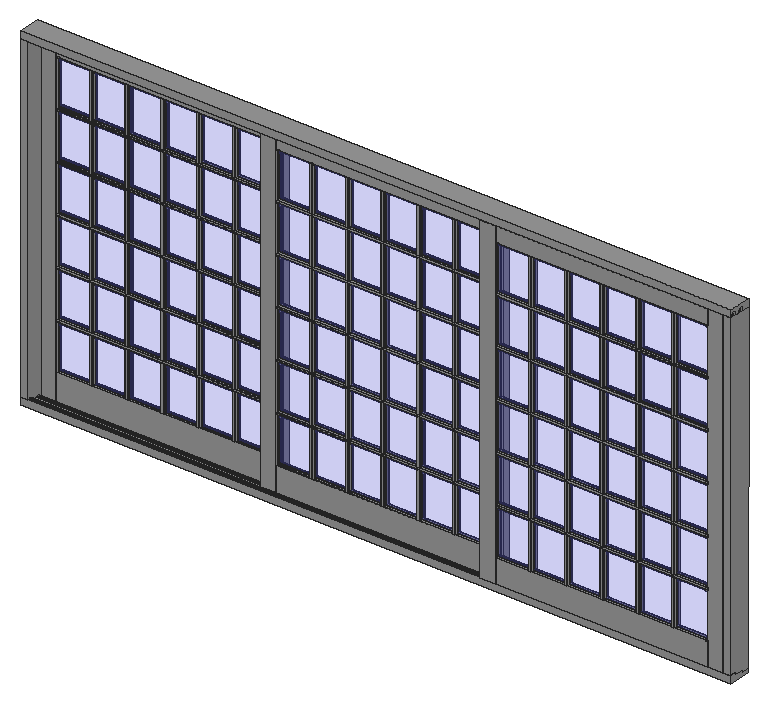
Revit family "VSD4.4SPTS LH", category Doors, host Wall, Revit 2015
Parameters (values of type "VSD4.4SPTS LH")
  Function = Interior
  Frame Projection Ext. = 25 mm
  Frame Projection Int. = 25 mm
  Frame Width = 75 mm
  Height = 2100 mm
  Wall Closure = By host
  Width = 4450 mm
Reference planes
  plane 1: y = 0
  plane 2 "Center (Left/Right)": x = 0
  plane 3 "Left": x = -2225
  plane 4 "Right": x = 2225
  plane 5: z = 2100
  plane 6 "Exterior": y = 75
  plane 7 "Interior": y = -75
  plane 8: x = -2075
  plane 9: x = -2180
  plane 10: x = -761.667
  plane 11: x = -656.667
  plane 12: x = -761.667
  plane 13: x = -656.667
  plane 14: x = 761.667
  plane 15: x = 656.667
  plane 16: x = 2180
  plane 17: x = 2075
  plane 18: x = 761.667
  plane 19: x = 656.667
Forms (mm)
  Extrusion 1, solid, material "Lauan, Meranti"
    sketch origin (0, 79.18, -119.746) x (0, 1, 0) y (0, 0, -1)
      loop
        line (-149.18, -119.746) -> (-149.18, -164.746) -> (-141.18, -164.746) -> (-141.18, -163.746) -> (-117.18, -163.746) -> (-117.18, -152.746) -> (-85.18, -152.746) -> (-85.18, -151.746) -> (-61.18, -151.746) -> (-61.18, -140.746) -> (-9.18, -140.746) -> (-9.18, -119.746) -> (-149.18, -119.746)
    from -2225 to 2225
  Extrusion 2, solid, material "Lauan, Meranti"
    sketch origin (0, 0, 0) x (0, 1, 0) y (0, 0, -1)
      loop
        line (70, -2100) -> (70, -2055) -> (17, -2055) -> (17, -2075) -> (-5, -2075) -> (-5, -2055) -> (-39, -2055) -> (-39, -2075) -> (-61, -2075) -> (-61, -2055) -> (-70, -2055) -> (-70, -2100) -> (70, -2100)
    from -2225 to 2225
  Extrusion 3, solid, material "Lauan, Meranti"
    sketch origin (0, 0, 0) x (-1, 0, 0) y (0, -1, 0)
      loop
        line (-2225, -70) -> (-2182, -70) -> (-2182, -50) -> (-2180, -50) -> (-2180, 70) -> (-2225, 70) -> (-2225, -70)
      loop
        line (2225, -70) -> (2225, 70) -> (2180, 70) -> (2180, -50) -> (2182, -50) -> (2182, -70) -> (2225, -70)
    from 45 to 2055
  Extrusion 4, solid, material "Lauan, Meranti"
    sketch origin (0, 0, 0) x (-1, 0, 0) y (0, -1, 0)
      loop
        line (-2180, -50) -> (-2180, 38) -> (-2225, 38) -> (-2225, -70) -> (-2182, -70) -> (-2182, -50) -> (-2180, -50)
      loop
        line (2180, -50) -> (2182, -50) -> (2182, -70) -> (2225, -70) -> (2225, 38) -> (2180, 38) -> (2180, -50)
    from 33 to 45
  Extrusion 5, solid, material "Steel, Chrome Plated"
    sketch origin (0, 0, 0) x (0, 1, 0) y (0, 0, -1)
      loop
        line (-38, -45) -> (-38, -44) -> (-62, -44) -> (-62, -45) -> (-51, -45) -> (-51, -46.882)
        arc (-51, -46.882) -> (-50, -49.5) -> (-49, -46.882) r 1.5
        line (-49, -46.882) -> (-49, -45) -> (-38, -45)
    from -2225 to 2180
  Extrusion 6, solid, material "Lauan, Meranti"
    sketch origin (0, 0, 0) x (-1, 0, 0) y (0, -1, 0)
      loop
        line (-2225, -70) -> (-2182, -70) -> (-2182, -50) -> (-2180, -50) -> (-2180, -18) -> (-2225, -18) -> (-2225, -70)
      loop
        line (2225, -70) -> (2225, -18) -> (2180, -18) -> (2180, -50) -> (2182, -50) -> (2182, -70) -> (2225, -70)
    from 21 to 33
  Extrusion 7, solid, material "Steel, Chrome Plated"
    sketch origin (0, 56, -12) x (0, 1, 0) y (0, 0, -1)
      loop
        line (-38, -45) -> (-38, -44) -> (-62, -44) -> (-62, -45) -> (-51, -45) -> (-51, -46.882)
        arc (-51, -46.882) -> (-50, -49.5) -> (-49, -46.882) r 1.5
        line (-49, -46.882) -> (-49, -45) -> (-38, -45)
    from -761.667 to 2180
  Extrusion 8, solid, material "Lauan, Meranti"
    sketch origin (0, 0, 0) x (-1, 0, 0) y (0, -1, 0)
      loop
        line (-2084, 70) -> (-2180, 70) -> (-2180, 30) -> (-2084, 30) -> (-2084, 60) -> (-2075, 60) -> (-2075, 62) -> (-2077, 62)
        arc (-2077, 62) -> (-2079.265, 66.44) -> (-2084, 68) r 6.549
        line (-2084, 68) -> (-2084, 70)
      loop
        line (-752.667, 70) -> (-752.667, 68)
        arc (-752.667, 68) -> (-757.401, 66.44) -> (-759.667, 62) r 6.549
        line (-759.667, 62) -> (-761.667, 62) -> (-761.667, 60) -> (-752.667, 60) -> (-752.667, 30) -> (-656.667, 30) -> (-656.667, 70) -> (-752.667, 70)
    from 45 to 2055
  Extrusion 9, solid, material "Lauan, Meranti"
    sketch origin (-1630, 104, 0) x (-1, 0, 0) y (0, -1, 0)
      loop
        line (454, 70) -> (454, 68)
        arc (454, 68) -> (449.265, 66.44) -> (447, 62) r 6.549
        line (447, 62) -> (445, 62) -> (445, 60) -> (454, 60) -> (454, 30) -> (550, 30) -> (550, 70) -> (454, 70)
      loop
        line (-877.333, 70) -> (-973.333, 70) -> (-973.333, 30) -> (-877.333, 30) -> (-877.333, 60) -> (-868.333, 60) -> (-868.333, 62) -> (-870.333, 62)
        arc (-870.333, 62) -> (-872.599, 66.44) -> (-877.333, 68) r 6.549
        line (-877.333, 68) -> (-877.333, 70)
    from 21 to 2055
  Extrusion 10, solid, material "Lauan, Meranti"
    sketch origin (-815, 56, 0) x (-1, 0, 0) y (0, -1, 0)
      loop
        line (-149.333, 70) -> (-149.333, 68)
        arc (-149.333, 68) -> (-154.068, 66.44) -> (-156.333, 62) r 6.549
        line (-156.333, 62) -> (-158.333, 62) -> (-158.333, 60) -> (-149.333, 60) -> (-149.333, 30) -> (-53.333, 30) -> (-53.333, 70) -> (-149.333, 70)
      loop
        line (-1480.667, 70) -> (-1576.667, 70) -> (-1576.667, 30) -> (-1480.667, 30) -> (-1480.667, 60) -> (-1471.667, 60) -> (-1471.667, 62) -> (-1473.667, 62)
        arc (-1473.667, 62) -> (-1475.932, 66.44) -> (-1480.667, 68) r 6.549
        line (-1480.667, 68) -> (-1480.667, 70)
    from 33 to 2055
  Extrusion 11, solid, material "Steel, Chrome Plated"
    sketch origin (0, 0, 0) x (0, 1, 0) y (0, 0, -1)
      loop
        line (16.5, -2075) -> (16.5, -2055) -> (14.3, -2055) -> (14.3, -2072.8) -> (-2.3, -2072.8) -> (-2.3, -2055) -> (-4.5, -2055) -> (-4.5, -2075) -> (16.5, -2075)
    from -2225 to 2225
  Extrusion 12, solid, material "Steel, Chrome Plated"
    sketch origin (0, -56, 0) x (0, 1, 0) y (0, 0, -1)
      loop
        line (16.5, -2075) -> (16.5, -2055) -> (14.3, -2055) -> (14.3, -2072.8) -> (-2.3, -2072.8) -> (-2.3, -2055) -> (-4.5, -2055) -> (-4.5, -2075) -> (16.5, -2075)
    from -2225 to 2225
  Extrusion 13, solid, material "Lauan, Meranti"
    sketch origin (-2335, 49.5, 0) x (0, 1, 0) y (0, 0, -1)
      loop
        line (-15.5, -190) -> (-13.5, -190)
        arc (-13.5, -190) -> (-11.866, -194.67) -> (-7.5, -197) r 6.807
        line (-7.5, -197) -> (-7.5, -199) -> (-5.5, -199) -> (-5.5, -190) -> (24.5, -190) -> (24.5, -21) -> (-15.5, -21) -> (-15.5, -190)
      loop
        arc (-7.5, -1952) -> (-11.866, -1954.33) -> (-13.5, -1959) r 6.807
        line (-13.5, -1959) -> (-15.5, -1959) -> (-15.5, -2055) -> (24.5, -2055) -> (24.5, -1959) -> (-5.5, -1959) -> (-5.5, -1950) -> (-7.5, -1950) -> (-7.5, -1952)
      loop
        line (-15.5, -1675) -> (-13.5, -1675)
        arc (-13.5, -1675) -> (-11.866, -1679.67) -> (-7.5, -1682) r 6.807
        line (-7.5, -1682) -> (-7.5, -1684) -> (-5.5, -1684) -> (-5.5, -1675) -> (24.5, -1675) -> (24.5, -1662) -> (-5.5, -1662) -> (-5.5, -1653) -> (-7.5, -1653) -> (-7.5, -1655)
        arc (-7.5, -1655) -> (-11.866, -1657.33) -> (-13.5, -1662) r 6.807
        line (-13.5, -1662) -> (-15.5, -1662) -> (-15.5, -1675)
      loop
        line (-15.5, -1378) -> (-13.5, -1378)
        arc (-13.5, -1378) -> (-11.866, -1382.67) -> (-7.5, -1385) r 6.807
        line (-7.5, -1385) -> (-7.5, -1387) -> (-5.5, -1387) -> (-5.5, -1378) -> (24.5, -1378) -> (24.5, -1365) -> (-5.5, -1365) -> (-5.5, -1356) -> (-7.5, -1356) -> (-7.5, -1358)
        arc (-7.5, -1358) -> (-11.866, -1360.33) -> (-13.5, -1365) r 6.807
        line (-13.5, -1365) -> (-15.5, -1365) -> (-15.5, -1378)
      loop
        line (-15.5, -1081) -> (-13.5, -1081)
        arc (-13.5, -1081) -> (-11.866, -1085.67) -> (-7.5, -1088) r 6.807
        line (-7.5, -1088) -> (-7.5, -1090) -> (-5.5, -1090) -> (-5.5, -1081) -> (24.5, -1081) -> (24.5, -1068) -> (-5.5, -1068) -> (-5.5, -1059) -> (-7.5, -1059) -> (-7.5, -1061)
        arc (-7.5, -1061) -> (-11.866, -1063.33) -> (-13.5, -1068) r 6.807
        line (-13.5, -1068) -> (-15.5, -1068) -> (-15.5, -1081)
      loop
        line (-15.5, -784) -> (-13.5, -784)
        arc (-13.5, -784) -> (-11.866, -788.67) -> (-7.5, -791) r 6.807
        line (-7.5, -791) -> (-7.5, -793) -> (-5.5, -793) -> (-5.5, -784) -> (24.5, -784) -> (24.5, -771) -> (-5.5, -771) -> (-5.5, -762) -> (-7.5, -762) -> (-7.5, -764)
        arc (-7.5, -764) -> (-11.866, -766.33) -> (-13.5, -771) r 6.807
        line (-13.5, -771) -> (-15.5, -771) -> (-15.5, -784)
      loop
        line (-15.5, -487) -> (-13.5, -487)
        arc (-13.5, -487) -> (-11.866, -491.67) -> (-7.5, -494) r 6.807
        line (-7.5, -494) -> (-7.5, -496) -> (-5.5, -496) -> (-5.5, -487) -> (24.5, -487) -> (24.5, -474) -> (-5.5, -474) -> (-5.5, -465) -> (-7.5, -465) -> (-7.5, -467)
        arc (-7.5, -467) -> (-11.866, -469.33) -> (-13.5, -474) r 6.807
        line (-13.5, -474) -> (-15.5, -474) -> (-15.5, -487)
    from -1582.333 to -251
  Sweep 14, solid, material "Lauan, Meranti"
    path origin (-1570.605, -72, -781.763) x (-1, 0, 0) y (0, 0, -1)
      loop
        line (302.345, -2740.763) -> (513.395, -2740.763) -> (513.395, -2456.763) -> (302.345, -2456.763) -> (302.345, -2740.763)
    profile origin (-1978.475, -72, 1959) x (0, 0, -1) y (0, -1, 0)
      loop
        line (9, -124.5) -> (0, -124.5) -> (0, -132.5)
        arc (0, -132.5) -> (4.67, -130.866) -> (7, -126.5) r 6.807
        line (7, -126.5) -> (9, -126.5) -> (9, -124.5)
  Extrusion 15, solid, material "Glass"
    sketch origin (-1843.125, -61.05, -73.649) x (-1, 0, 0) y (0, 0, -1)
      loop
        line (240.875, -2032.649) -> (240.875, -1748.661) -> (29.835, -1748.661) -> (29.835, -2032.649) -> (240.875, -2032.649)
      loop
        line (16.825, -2032.649) -> (16.825, -1748.649) -> (-194.225, -1748.649) -> (-194.225, -2032.649) -> (16.825, -2032.649)
      loop
        line (-207.225, -2032.649) -> (-207.225, -1748.649) -> (-418.275, -1748.649) -> (-418.275, -2032.649) -> (-207.225, -2032.649)
      loop
        line (-431.275, -2032.649) -> (-431.275, -1748.649) -> (-642.325, -1748.649) -> (-642.325, -2032.649) -> (-431.275, -2032.649)
      loop
        line (-655.325, -2032.649) -> (-655.325, -1748.649) -> (-866.375, -1748.649) -> (-866.375, -2032.649) -> (-655.325, -2032.649)
      loop
        line (-879.375, -2032.649) -> (-879.375, -1748.649) -> (-1090.458, -1748.649) -> (-1090.458, -2032.649) -> (-879.375, -2032.649)
      loop
        line (240.875, -1735.649) -> (240.875, -1451.661) -> (29.835, -1451.661) -> (29.835, -1735.649) -> (240.875, -1735.649)
      loop
        line (16.825, -1735.649) -> (16.825, -1451.649) -> (-194.225, -1451.649) -> (-194.225, -1735.649) -> (16.825, -1735.649)
      loop
        line (-207.225, -1735.649) -> (-207.225, -1451.649) -> (-418.275, -1451.649) -> (-418.275, -1735.649) -> (-207.225, -1735.649)
      loop
        line (-431.275, -1735.649) -> (-431.275, -1451.649) -> (-642.325, -1451.649) -> (-642.325, -1735.649) -> (-431.275, -1735.649)
      loop
        line (-655.325, -1735.649) -> (-655.325, -1451.649) -> (-866.375, -1451.649) -> (-866.375, -1735.649) -> (-655.325, -1735.649)
      loop
        line (-879.375, -1735.649) -> (-879.375, -1451.649) -> (-1090.458, -1451.649) -> (-1090.458, -1735.649) -> (-879.375, -1735.649)
      loop
        line (240.875, -1438.649) -> (240.875, -1154.661) -> (29.835, -1154.661) -> (29.835, -1438.649) -> (240.875, -1438.649)
      loop
        line (16.825, -1438.649) -> (16.825, -1154.649) -> (-194.225, -1154.649) -> (-194.225, -1438.649) -> (16.825, -1438.649)
      loop
        line (-207.225, -1438.649) -> (-207.225, -1154.649) -> (-418.275, -1154.649) -> (-418.275, -1438.649) -> (-207.225, -1438.649)
      loop
        line (-431.275, -1438.649) -> (-431.275, -1154.649) -> (-642.325, -1154.649) -> (-642.325, -1438.649) -> (-431.275, -1438.649)
      loop
        line (-655.325, -1438.649) -> (-655.325, -1154.649) -> (-866.375, -1154.649) -> (-866.375, -1438.649) -> (-655.325, -1438.649)
      loop
        line (-879.375, -1438.649) -> (-879.375, -1154.649) -> (-1090.458, -1154.649) -> (-1090.458, -1438.649) -> (-879.375, -1438.649)
      loop
        line (240.875, -1141.649) -> (240.875, -857.661) -> (29.835, -857.661) -> (29.835, -1141.649) -> (240.875, -1141.649)
      loop
        line (16.825, -1141.649) -> (16.825, -857.649) -> (-194.225, -857.649) -> (-194.225, -1141.649) -> (16.825, -1141.649)
      loop
        line (-207.225, -1141.649) -> (-207.225, -857.649) -> (-418.275, -857.649) -> (-418.275, -1141.649) -> (-207.225, -1141.649)
      loop
        line (-431.275, -1141.649) -> (-431.275, -857.649) -> (-642.325, -857.649) -> (-642.325, -1141.649) -> (-431.275, -1141.649)
      loop
        line (-655.325, -1141.649) -> (-655.325, -857.649) -> (-866.375, -857.649) -> (-866.375, -1141.649) -> (-655.325, -1141.649)
      loop
        line (-879.375, -1141.649) -> (-879.375, -857.649) -> (-1090.458, -857.649) -> (-1090.458, -1141.649) -> (-879.375, -1141.649)
      loop
        line (240.875, -844.649) -> (240.875, -560.661) -> (29.835, -560.661) -> (29.835, -844.649) -> (240.875, -844.649)
      loop
        line (16.825, -844.649) -> (16.825, -560.649) -> (-194.225, -560.649) -> (-194.225, -844.649) -> (16.825, -844.649)
      loop
        line (-207.225, -844.649) -> (-207.225, -560.649) -> (-418.275, -560.649) -> (-418.275, -844.649) -> (-207.225, -844.649)
      loop
        line (-431.275, -844.649) -> (-431.275, -560.649) -> (-642.325, -560.649) -> (-642.325, -844.649) -> (-431.275, -844.649)
      loop
        line (-655.325, -844.649) -> (-655.325, -560.649) -> (-866.375, -560.649) -> (-866.375, -844.649) -> (-655.325, -844.649)
      loop
        line (-879.375, -844.649) -> (-879.375, -560.649) -> (-1090.458, -560.649) -> (-1090.458, -844.649) -> (-879.375, -844.649)
      loop
        line (240.875, -547.649) -> (240.875, -263.661) -> (29.835, -263.661) -> (29.835, -547.649) -> (240.875, -547.649)
      loop
        line (16.825, -547.649) -> (16.825, -263.649) -> (-194.225, -263.649) -> (-194.225, -547.649) -> (16.825, -547.649)
      loop
        line (-207.225, -547.649) -> (-207.225, -263.649) -> (-418.275, -263.649) -> (-418.275, -547.649) -> (-207.225, -547.649)
      loop
        line (-431.275, -547.649) -> (-431.275, -263.649) -> (-642.325, -263.649) -> (-642.325, -547.649) -> (-431.275, -547.649)
      loop
        line (-655.325, -547.649) -> (-655.325, -263.649) -> (-866.375, -263.649) -> (-866.375, -547.649) -> (-655.325, -547.649)
      loop
        line (-879.375, -547.649) -> (-879.375, -263.649) -> (-1090.458, -263.649) -> (-1090.458, -547.649) -> (-879.375, -547.649)
    from -112.5 to -106.1
  Extrusion 16, solid, material "Lauan, Meranti"
    sketch origin (-1315, 3, 0) x (-1, 0, 0) y (0, -1, 0)
      loop
        line (544.95, -31) -> (544.95, -33)
        arc (544.95, -33) -> (540.28, -34.634) -> (537.95, -39) r 6.807
        line (537.95, -39) -> (535.95, -39) -> (535.95, -41) -> (544.95, -41) -> (544.95, -71) -> (557.95, -71) -> (557.95, -41) -> (566.95, -41) -> (566.95, -39) -> (564.95, -39)
        arc (564.95, -39) -> (562.62, -34.634) -> (557.95, -33) r 6.807
        line (557.95, -33) -> (557.95, -31) -> (544.95, -31)
      loop
        line (320.9, -31) -> (320.9, -33)
        arc (320.9, -33) -> (316.23, -34.634) -> (313.9, -39) r 6.807
        line (313.9, -39) -> (311.9, -39) -> (311.9, -41) -> (320.9, -41) -> (320.9, -71) -> (333.9, -71) -> (333.9, -41) -> (342.9, -41) -> (342.9, -39) -> (340.9, -39)
        arc (340.9, -39) -> (338.57, -34.634) -> (333.9, -33) r 6.807
        line (333.9, -33) -> (333.9, -31) -> (320.9, -31)
      loop
        line (96.85, -31) -> (96.85, -33)
        arc (96.85, -33) -> (92.18, -34.634) -> (89.85, -39) r 6.807
        line (89.85, -39) -> (87.85, -39) -> (87.85, -41) -> (96.85, -41) -> (96.85, -71) -> (109.85, -71) -> (109.85, -41) -> (118.85, -41) -> (118.85, -39) -> (116.85, -39)
        arc (116.85, -39) -> (114.52, -34.634) -> (109.85, -33) r 6.807
        line (109.85, -33) -> (109.85, -31) -> (96.85, -31)
      loop
        line (-127.2, -31) -> (-127.2, -33)
        arc (-127.2, -33) -> (-131.87, -34.634) -> (-134.2, -39) r 6.807
        line (-134.2, -39) -> (-136.2, -39) -> (-136.2, -41) -> (-127.2, -41) -> (-127.2, -71) -> (-114.2, -71) -> (-114.2, -41) -> (-105.2, -41) -> (-105.2, -39) -> (-107.2, -39)
        arc (-107.2, -39) -> (-109.53, -34.634) -> (-114.2, -33) r 6.807
        line (-114.2, -33) -> (-114.2, -31) -> (-127.2, -31)
      loop
        line (-351.25, -31) -> (-351.25, -33)
        arc (-351.25, -33) -> (-355.92, -34.634) -> (-358.25, -39) r 6.807
        line (-358.25, -39) -> (-360.25, -39) -> (-360.25, -41) -> (-351.25, -41) -> (-351.25, -71) -> (-338.25, -71) -> (-338.25, -41) -> (-329.25, -41) -> (-329.25, -39) -> (-331.25, -39)
        arc (-331.25, -39) -> (-333.58, -34.634) -> (-338.25, -33) r 6.807
        line (-338.25, -33) -> (-338.25, -31) -> (-351.25, -31)
    from 1675 to 1959
  Sweep 17, solid, material "Lauan, Meranti"
    path origin (-1346.555, -72, -781.763) x (-1, 0, 0) y (0, 0, -1)
      loop
        line (302.345, -2740.763) -> (513.395, -2740.763) -> (513.395, -2456.763) -> (302.345, -2456.763) -> (302.345, -2740.763)
    profile origin (-1754.425, -72, 1959) x (0, 0, -1) y (0, -1, 0)
      loop
        line (9, -124.5) -> (0, -124.5) -> (0, -132.5)
        arc (0, -132.5) -> (4.67, -130.866) -> (7, -126.5) r 6.807
        line (7, -126.5) -> (9, -126.5) -> (9, -124.5)
  Sweep 18, solid, material "Lauan, Meranti"
    path origin (-1122.505, -72, -781.763) x (-1, 0, 0) y (0, 0, -1)
      loop
        line (302.345, -2740.763) -> (513.395, -2740.763) -> (513.395, -2456.763) -> (302.345, -2456.763) -> (302.345, -2740.763)
    profile origin (-1530.375, -72, 1959) x (0, 0, -1) y (0, -1, 0)
      loop
        line (9, -124.5) -> (0, -124.5) -> (0, -132.5)
        arc (0, -132.5) -> (4.67, -130.866) -> (7, -126.5) r 6.807
        line (7, -126.5) -> (9, -126.5) -> (9, -124.5)
  Sweep 19, solid, material "Lauan, Meranti"
    path origin (-898.455, -72, -781.763) x (-1, 0, 0) y (0, 0, -1)
      loop
        line (302.345, -2740.763) -> (513.395, -2740.763) -> (513.395, -2456.763) -> (302.345, -2456.763) -> (302.345, -2740.763)
    profile origin (-1306.325, -72, 1959) x (0, 0, -1) y (0, -1, 0)
      loop
        line (9, -124.5) -> (0, -124.5) -> (0, -132.5)
        arc (0, -132.5) -> (4.67, -130.866) -> (7, -126.5) r 6.807
        line (7, -126.5) -> (9, -126.5) -> (9, -124.5)
  Sweep 20, solid, material "Lauan, Meranti"
    path origin (-674.405, -72, -781.763) x (-1, 0, 0) y (0, 0, -1)
      loop
        line (302.345, -2740.763) -> (513.395, -2740.763) -> (513.395, -2456.763) -> (302.345, -2456.763) -> (302.345, -2740.763)
    profile origin (-1082.275, -72, 1959) x (0, 0, -1) y (0, -1, 0)
      loop
        line (9, -124.5) -> (0, -124.5) -> (0, -132.5)
        arc (0, -132.5) -> (4.67, -130.866) -> (7, -126.5) r 6.807
        line (7, -126.5) -> (9, -126.5) -> (9, -124.5)
  Sweep 21, solid, material "Lauan, Meranti"
    path origin (-450.355, -72, -781.763) x (-1, 0, 0) y (0, 0, -1)
      loop
        line (302.345, -2740.763) -> (513.395, -2740.763) -> (513.395, -2456.763) -> (302.345, -2456.763) -> (302.345, -2740.763)
    profile origin (-858.225, -72, 1959) x (0, 0, -1) y (0, -1, 0)
      loop
        line (9, -124.5) -> (0, -124.5) -> (0, -132.5)
        arc (0, -132.5) -> (4.67, -130.866) -> (7, -126.5) r 6.807
        line (7, -126.5) -> (9, -126.5) -> (9, -124.5)
  Sweep 22, solid, material "Lauan, Meranti"
    path origin (-1570.605, -72, -1078.763) x (-1, 0, 0) y (0, 0, -1)
      loop
        line (302.345, -2740.763) -> (513.395, -2740.763) -> (513.395, -2456.763) -> (302.345, -2456.763) -> (302.345, -2740.763)
    profile origin (-1978.475, -72, 1662) x (0, 0, -1) y (0, -1, 0)
      loop
        line (9, -124.5) -> (0, -124.5) -> (0, -132.5)
        arc (0, -132.5) -> (4.67, -130.866) -> (7, -126.5) r 6.807
        line (7, -126.5) -> (9, -126.5) -> (9, -124.5)
  Extrusion 23, solid, material "Lauan, Meranti"
    sketch origin (-1315, 3, -297) x (-1, 0, 0) y (0, -1, 0)
      loop
        line (544.95, -31) -> (544.95, -33)
        arc (544.95, -33) -> (540.28, -34.634) -> (537.95, -39) r 6.807
        line (537.95, -39) -> (535.95, -39) -> (535.95, -41) -> (544.95, -41) -> (544.95, -71) -> (557.95, -71) -> (557.95, -41) -> (566.95, -41) -> (566.95, -39) -> (564.95, -39)
        arc (564.95, -39) -> (562.62, -34.634) -> (557.95, -33) r 6.807
        line (557.95, -33) -> (557.95, -31) -> (544.95, -31)
      loop
        line (320.9, -31) -> (320.9, -33)
        arc (320.9, -33) -> (316.23, -34.634) -> (313.9, -39) r 6.807
        line (313.9, -39) -> (311.9, -39) -> (311.9, -41) -> (320.9, -41) -> (320.9, -71) -> (333.9, -71) -> (333.9, -41) -> (342.9, -41) -> (342.9, -39) -> (340.9, -39)
        arc (340.9, -39) -> (338.57, -34.634) -> (333.9, -33) r 6.807
        line (333.9, -33) -> (333.9, -31) -> (320.9, -31)
      loop
        line (96.85, -31) -> (96.85, -33)
        arc (96.85, -33) -> (92.18, -34.634) -> (89.85, -39) r 6.807
        line (89.85, -39) -> (87.85, -39) -> (87.85, -41) -> (96.85, -41) -> (96.85, -71) -> (109.85, -71) -> (109.85, -41) -> (118.85, -41) -> (118.85, -39) -> (116.85, -39)
        arc (116.85, -39) -> (114.52, -34.634) -> (109.85, -33) r 6.807
        line (109.85, -33) -> (109.85, -31) -> (96.85, -31)
      loop
        line (-127.2, -31) -> (-127.2, -33)
        arc (-127.2, -33) -> (-131.87, -34.634) -> (-134.2, -39) r 6.807
        line (-134.2, -39) -> (-136.2, -39) -> (-136.2, -41) -> (-127.2, -41) -> (-127.2, -71) -> (-114.2, -71) -> (-114.2, -41) -> (-105.2, -41) -> (-105.2, -39) -> (-107.2, -39)
        arc (-107.2, -39) -> (-109.53, -34.634) -> (-114.2, -33) r 6.807
        line (-114.2, -33) -> (-114.2, -31) -> (-127.2, -31)
      loop
        line (-351.25, -31) -> (-351.25, -33)
        arc (-351.25, -33) -> (-355.92, -34.634) -> (-358.25, -39) r 6.807
        line (-358.25, -39) -> (-360.25, -39) -> (-360.25, -41) -> (-351.25, -41) -> (-351.25, -71) -> (-338.25, -71) -> (-338.25, -41) -> (-329.25, -41) -> (-329.25, -39) -> (-331.25, -39)
        arc (-331.25, -39) -> (-333.58, -34.634) -> (-338.25, -33) r 6.807
        line (-338.25, -33) -> (-338.25, -31) -> (-351.25, -31)
    from 1675 to 1959
  Sweep 24, solid, material "Lauan, Meranti"
    path origin (-1346.555, -72, -1078.763) x (-1, 0, 0) y (0, 0, -1)
      loop
        line (302.345, -2740.763) -> (513.395, -2740.763) -> (513.395, -2456.763) -> (302.345, -2456.763) -> (302.345, -2740.763)
    profile origin (-1754.425, -72, 1662) x (0, 0, -1) y (0, -1, 0)
      loop
        line (9, -124.5) -> (0, -124.5) -> (0, -132.5)
        arc (0, -132.5) -> (4.67, -130.866) -> (7, -126.5) r 6.807
        line (7, -126.5) -> (9, -126.5) -> (9, -124.5)
  Sweep 25, solid, material "Lauan, Meranti"
    path origin (-1122.505, -72, -1078.763) x (-1, 0, 0) y (0, 0, -1)
      loop
        line (302.345, -2740.763) -> (513.395, -2740.763) -> (513.395, -2456.763) -> (302.345, -2456.763) -> (302.345, -2740.763)
    profile origin (-1530.375, -72, 1662) x (0, 0, -1) y (0, -1, 0)
      loop
        line (9, -124.5) -> (0, -124.5) -> (0, -132.5)
        arc (0, -132.5) -> (4.67, -130.866) -> (7, -126.5) r 6.807
        line (7, -126.5) -> (9, -126.5) -> (9, -124.5)
  Sweep 26, solid, material "Lauan, Meranti"
    path origin (-898.455, -72, -1078.763) x (-1, 0, 0) y (0, 0, -1)
      loop
        line (302.345, -2740.763) -> (513.395, -2740.763) -> (513.395, -2456.763) -> (302.345, -2456.763) -> (302.345, -2740.763)
    profile origin (-1306.325, -72, 1662) x (0, 0, -1) y (0, -1, 0)
      loop
        line (9, -124.5) -> (0, -124.5) -> (0, -132.5)
        arc (0, -132.5) -> (4.67, -130.866) -> (7, -126.5) r 6.807
        line (7, -126.5) -> (9, -126.5) -> (9, -124.5)
  Sweep 27, solid, material "Lauan, Meranti"
    path origin (-674.405, -72, -1078.763) x (-1, 0, 0) y (0, 0, -1)
      loop
        line (302.345, -2740.763) -> (513.395, -2740.763) -> (513.395, -2456.763) -> (302.345, -2456.763) -> (302.345, -2740.763)
    profile origin (-1082.275, -72, 1662) x (0, 0, -1) y (0, -1, 0)
      loop
        line (9, -124.5) -> (0, -124.5) -> (0, -132.5)
        arc (0, -132.5) -> (4.67, -130.866) -> (7, -126.5) r 6.807
        line (7, -126.5) -> (9, -126.5) -> (9, -124.5)
  Sweep 28, solid, material "Lauan, Meranti"
    path origin (-450.355, -72, -1078.763) x (-1, 0, 0) y (0, 0, -1)
      loop
        line (302.345, -2740.763) -> (513.395, -2740.763) -> (513.395, -2456.763) -> (302.345, -2456.763) -> (302.345, -2740.763)
    profile origin (-858.225, -72, 1662) x (0, 0, -1) y (0, -1, 0)
      loop
        line (9, -124.5) -> (0, -124.5) -> (0, -132.5)
        arc (0, -132.5) -> (4.67, -130.866) -> (7, -126.5) r 6.807
        line (7, -126.5) -> (9, -126.5) -> (9, -124.5)
  Sweep 29, solid, material "Lauan, Meranti"
    path origin (-1570.605, -72, -1375.763) x (-1, 0, 0) y (0, 0, -1)
      loop
        line (302.345, -2740.763) -> (513.395, -2740.763) -> (513.395, -2456.763) -> (302.345, -2456.763) -> (302.345, -2740.763)
    profile origin (-1978.475, -72, 1365) x (0, 0, -1) y (0, -1, 0)
      loop
        line (9, -124.5) -> (0, -124.5) -> (0, -132.5)
        arc (0, -132.5) -> (4.67, -130.866) -> (7, -126.5) r 6.807
        line (7, -126.5) -> (9, -126.5) -> (9, -124.5)
  Extrusion 30, solid, material "Lauan, Meranti"
    sketch origin (-1315, 3, -594) x (-1, 0, 0) y (0, -1, 0)
      loop
        line (544.95, -31) -> (544.95, -33)
        arc (544.95, -33) -> (540.28, -34.634) -> (537.95, -39) r 6.807
        line (537.95, -39) -> (535.95, -39) -> (535.95, -41) -> (544.95, -41) -> (544.95, -71) -> (557.95, -71) -> (557.95, -41) -> (566.95, -41) -> (566.95, -39) -> (564.95, -39)
        arc (564.95, -39) -> (562.62, -34.634) -> (557.95, -33) r 6.807
        line (557.95, -33) -> (557.95, -31) -> (544.95, -31)
      loop
        line (320.9, -31) -> (320.9, -33)
        arc (320.9, -33) -> (316.23, -34.634) -> (313.9, -39) r 6.807
        line (313.9, -39) -> (311.9, -39) -> (311.9, -41) -> (320.9, -41) -> (320.9, -71) -> (333.9, -71) -> (333.9, -41) -> (342.9, -41) -> (342.9, -39) -> (340.9, -39)
        arc (340.9, -39) -> (338.57, -34.634) -> (333.9, -33) r 6.807
        line (333.9, -33) -> (333.9, -31) -> (320.9, -31)
      loop
        line (96.85, -31) -> (96.85, -33)
        arc (96.85, -33) -> (92.18, -34.634) -> (89.85, -39) r 6.807
        line (89.85, -39) -> (87.85, -39) -> (87.85, -41) -> (96.85, -41) -> (96.85, -71) -> (109.85, -71) -> (109.85, -41) -> (118.85, -41) -> (118.85, -39) -> (116.85, -39)
        arc (116.85, -39) -> (114.52, -34.634) -> (109.85, -33) r 6.807
        line (109.85, -33) -> (109.85, -31) -> (96.85, -31)
      loop
        line (-127.2, -31) -> (-127.2, -33)
        arc (-127.2, -33) -> (-131.87, -34.634) -> (-134.2, -39) r 6.807
        line (-134.2, -39) -> (-136.2, -39) -> (-136.2, -41) -> (-127.2, -41) -> (-127.2, -71) -> (-114.2, -71) -> (-114.2, -41) -> (-105.2, -41) -> (-105.2, -39) -> (-107.2, -39)
        arc (-107.2, -39) -> (-109.53, -34.634) -> (-114.2, -33) r 6.807
        line (-114.2, -33) -> (-114.2, -31) -> (-127.2, -31)
      loop
        line (-351.25, -31) -> (-351.25, -33)
        arc (-351.25, -33) -> (-355.92, -34.634) -> (-358.25, -39) r 6.807
        line (-358.25, -39) -> (-360.25, -39) -> (-360.25, -41) -> (-351.25, -41) -> (-351.25, -71) -> (-338.25, -71) -> (-338.25, -41) -> (-329.25, -41) -> (-329.25, -39) -> (-331.25, -39)
        arc (-331.25, -39) -> (-333.58, -34.634) -> (-338.25, -33) r 6.807
        line (-338.25, -33) -> (-338.25, -31) -> (-351.25, -31)
    from 1675 to 1959
  Sweep 31, solid, material "Lauan, Meranti"
    path origin (-1346.555, -72, -1375.763) x (-1, 0, 0) y (0, 0, -1)
      loop
        line (302.345, -2740.763) -> (513.395, -2740.763) -> (513.395, -2456.763) -> (302.345, -2456.763) -> (302.345, -2740.763)
    profile origin (-1754.425, -72, 1365) x (0, 0, -1) y (0, -1, 0)
      loop
        line (9, -124.5) -> (0, -124.5) -> (0, -132.5)
        arc (0, -132.5) -> (4.67, -130.866) -> (7, -126.5) r 6.807
        line (7, -126.5) -> (9, -126.5) -> (9, -124.5)
  Sweep 32, solid, material "Lauan, Meranti"
    path origin (-1122.505, -72, -1375.763) x (-1, 0, 0) y (0, 0, -1)
      loop
        line (302.345, -2740.763) -> (513.395, -2740.763) -> (513.395, -2456.763) -> (302.345, -2456.763) -> (302.345, -2740.763)
    profile origin (-1530.375, -72, 1365) x (0, 0, -1) y (0, -1, 0)
      loop
        line (9, -124.5) -> (0, -124.5) -> (0, -132.5)
        arc (0, -132.5) -> (4.67, -130.866) -> (7, -126.5) r 6.807
        line (7, -126.5) -> (9, -126.5) -> (9, -124.5)
  Sweep 33, solid, material "Lauan, Meranti"
    path origin (-898.455, -72, -1375.763) x (-1, 0, 0) y (0, 0, -1)
      loop
        line (302.345, -2740.763) -> (513.395, -2740.763) -> (513.395, -2456.763) -> (302.345, -2456.763) -> (302.345, -2740.763)
    profile origin (-1306.325, -72, 1365) x (0, 0, -1) y (0, -1, 0)
      loop
        line (9, -124.5) -> (0, -124.5) -> (0, -132.5)
        arc (0, -132.5) -> (4.67, -130.866) -> (7, -126.5) r 6.807
        line (7, -126.5) -> (9, -126.5) -> (9, -124.5)
  Sweep 34, solid, material "Lauan, Meranti"
    path origin (-674.405, -72, -1375.763) x (-1, 0, 0) y (0, 0, -1)
      loop
        line (302.345, -2740.763) -> (513.395, -2740.763) -> (513.395, -2456.763) -> (302.345, -2456.763) -> (302.345, -2740.763)
    profile origin (-1082.275, -72, 1365) x (0, 0, -1) y (0, -1, 0)
      loop
        line (9, -124.5) -> (0, -124.5) -> (0, -132.5)
        arc (0, -132.5) -> (4.67, -130.866) -> (7, -126.5) r 6.807
        line (7, -126.5) -> (9, -126.5) -> (9, -124.5)
  Sweep 35, solid, material "Lauan, Meranti"
    path origin (-450.355, -72, -1375.763) x (-1, 0, 0) y (0, 0, -1)
      loop
        line (302.345, -2740.763) -> (513.395, -2740.763) -> (513.395, -2456.763) -> (302.345, -2456.763) -> (302.345, -2740.763)
    profile origin (-858.225, -72, 1365) x (0, 0, -1) y (0, -1, 0)
      loop
        line (9, -124.5) -> (0, -124.5) -> (0, -132.5)
        arc (0, -132.5) -> (4.67, -130.866) -> (7, -126.5) r 6.807
        line (7, -126.5) -> (9, -126.5) -> (9, -124.5)
  Sweep 36, solid, material "Lauan, Meranti"
    path origin (-1570.605, -72, -1672.763) x (-1, 0, 0) y (0, 0, -1)
      loop
        line (302.345, -2740.763) -> (513.395, -2740.763) -> (513.395, -2456.763) -> (302.345, -2456.763) -> (302.345, -2740.763)
    profile origin (-1978.475, -72, 1068) x (0, 0, -1) y (0, -1, 0)
      loop
        line (9, -124.5) -> (0, -124.5) -> (0, -132.5)
        arc (0, -132.5) -> (4.67, -130.866) -> (7, -126.5) r 6.807
        line (7, -126.5) -> (9, -126.5) -> (9, -124.5)
  Extrusion 37, solid, material "Lauan, Meranti"
    sketch origin (-1315, 3, -891) x (-1, 0, 0) y (0, -1, 0)
      loop
        line (544.95, -31) -> (544.95, -33)
        arc (544.95, -33) -> (540.28, -34.634) -> (537.95, -39) r 6.807
        line (537.95, -39) -> (535.95, -39) -> (535.95, -41) -> (544.95, -41) -> (544.95, -71) -> (557.95, -71) -> (557.95, -41) -> (566.95, -41) -> (566.95, -39) -> (564.95, -39)
        arc (564.95, -39) -> (562.62, -34.634) -> (557.95, -33) r 6.807
        line (557.95, -33) -> (557.95, -31) -> (544.95, -31)
      loop
        line (320.9, -31) -> (320.9, -33)
        arc (320.9, -33) -> (316.23, -34.634) -> (313.9, -39) r 6.807
        line (313.9, -39) -> (311.9, -39) -> (311.9, -41) -> (320.9, -41) -> (320.9, -71) -> (333.9, -71) -> (333.9, -41) -> (342.9, -41) -> (342.9, -39) -> (340.9, -39)
        arc (340.9, -39) -> (338.57, -34.634) -> (333.9, -33) r 6.807
        line (333.9, -33) -> (333.9, -31) -> (320.9, -31)
      loop
        line (96.85, -31) -> (96.85, -33)
        arc (96.85, -33) -> (92.18, -34.634) -> (89.85, -39) r 6.807
        line (89.85, -39) -> (87.85, -39) -> (87.85, -41) -> (96.85, -41) -> (96.85, -71) -> (109.85, -71) -> (109.85, -41) -> (118.85, -41) -> (118.85, -39) -> (116.85, -39)
        arc (116.85, -39) -> (114.52, -34.634) -> (109.85, -33) r 6.807
        line (109.85, -33) -> (109.85, -31) -> (96.85, -31)
      loop
        line (-127.2, -31) -> (-127.2, -33)
        arc (-127.2, -33) -> (-131.87, -34.634) -> (-134.2, -39) r 6.807
        line (-134.2, -39) -> (-136.2, -39) -> (-136.2, -41) -> (-127.2, -41) -> (-127.2, -71) -> (-114.2, -71) -> (-114.2, -41) -> (-105.2, -41) -> (-105.2, -39) -> (-107.2, -39)
        arc (-107.2, -39) -> (-109.53, -34.634) -> (-114.2, -33) r 6.807
        line (-114.2, -33) -> (-114.2, -31) -> (-127.2, -31)
      loop
        line (-351.25, -31) -> (-351.25, -33)
        arc (-351.25, -33) -> (-355.92, -34.634) -> (-358.25, -39) r 6.807
        line (-358.25, -39) -> (-360.25, -39) -> (-360.25, -41) -> (-351.25, -41) -> (-351.25, -71) -> (-338.25, -71) -> (-338.25, -41) -> (-329.25, -41) -> (-329.25, -39) -> (-331.25, -39)
        arc (-331.25, -39) -> (-333.58, -34.634) -> (-338.25, -33) r 6.807
        line (-338.25, -33) -> (-338.25, -31) -> (-351.25, -31)
    from 1675 to 1959
  Sweep 38, solid, material "Lauan, Meranti"
    path origin (-1346.555, -72, -1672.763) x (-1, 0, 0) y (0, 0, -1)
      loop
        line (302.345, -2740.763) -> (513.395, -2740.763) -> (513.395, -2456.763) -> (302.345, -2456.763) -> (302.345, -2740.763)
    profile origin (-1754.425, -72, 1068) x (0, 0, -1) y (0, -1, 0)
      loop
        line (9, -124.5) -> (0, -124.5) -> (0, -132.5)
        arc (0, -132.5) -> (4.67, -130.866) -> (7, -126.5) r 6.807
        line (7, -126.5) -> (9, -126.5) -> (9, -124.5)
  Sweep 39, solid, material "Lauan, Meranti"
    path origin (-1122.505, -72, -1672.763) x (-1, 0, 0) y (0, 0, -1)
      loop
        line (302.345, -2740.763) -> (513.395, -2740.763) -> (513.395, -2456.763) -> (302.345, -2456.763) -> (302.345, -2740.763)
    profile origin (-1530.375, -72, 1068) x (0, 0, -1) y (0, -1, 0)
      loop
        line (9, -124.5) -> (0, -124.5) -> (0, -132.5)
        arc (0, -132.5) -> (4.67, -130.866) -> (7, -126.5) r 6.807
        line (7, -126.5) -> (9, -126.5) -> (9, -124.5)
  Sweep 40, solid, material "Lauan, Meranti"
    path origin (-898.455, -72, -1672.763) x (-1, 0, 0) y (0, 0, -1)
      loop
        line (302.345, -2740.763) -> (513.395, -2740.763) -> (513.395, -2456.763) -> (302.345, -2456.763) -> (302.345, -2740.763)
    profile origin (-1306.325, -72, 1068) x (0, 0, -1) y (0, -1, 0)
      loop
        line (9, -124.5) -> (0, -124.5) -> (0, -132.5)
        arc (0, -132.5) -> (4.67, -130.866) -> (7, -126.5) r 6.807
        line (7, -126.5) -> (9, -126.5) -> (9, -124.5)
  Sweep 41, solid, material "Lauan, Meranti"
    path origin (-674.405, -72, -1672.763) x (-1, 0, 0) y (0, 0, -1)
      loop
        line (302.345, -2740.763) -> (513.395, -2740.763) -> (513.395, -2456.763) -> (302.345, -2456.763) -> (302.345, -2740.763)
    profile origin (-1082.275, -72, 1068) x (0, 0, -1) y (0, -1, 0)
      loop
        line (9, -124.5) -> (0, -124.5) -> (0, -132.5)
        arc (0, -132.5) -> (4.67, -130.866) -> (7, -126.5) r 6.807
        line (7, -126.5) -> (9, -126.5) -> (9, -124.5)
  Sweep 42, solid, material "Lauan, Meranti"
    path origin (-450.355, -72, -1672.763) x (-1, 0, 0) y (0, 0, -1)
      loop
        line (302.345, -2740.763) -> (513.395, -2740.763) -> (513.395, -2456.763) -> (302.345, -2456.763) -> (302.345, -2740.763)
    profile origin (-858.225, -72, 1068) x (0, 0, -1) y (0, -1, 0)
      loop
        line (9, -124.5) -> (0, -124.5) -> (0, -132.5)
        arc (0, -132.5) -> (4.67, -130.866) -> (7, -126.5) r 6.807
        line (7, -126.5) -> (9, -126.5) -> (9, -124.5)
  Sweep 43, solid, material "Lauan, Meranti"
    path origin (-1570.605, -72, -1969.763) x (-1, 0, 0) y (0, 0, -1)
      loop
        line (302.345, -2740.763) -> (513.395, -2740.763) -> (513.395, -2456.763) -> (302.345, -2456.763) -> (302.345, -2740.763)
    profile origin (-1978.475, -72, 771) x (0, 0, -1) y (0, -1, 0)
      loop
        line (9, -124.5) -> (0, -124.5) -> (0, -132.5)
        arc (0, -132.5) -> (4.67, -130.866) -> (7, -126.5) r 6.807
        line (7, -126.5) -> (9, -126.5) -> (9, -124.5)
  Extrusion 44, solid, material "Lauan, Meranti"
    sketch origin (-1315, 3, -1188) x (-1, 0, 0) y (0, -1, 0)
      loop
        line (544.95, -31) -> (544.95, -33)
        arc (544.95, -33) -> (540.28, -34.634) -> (537.95, -39) r 6.807
        line (537.95, -39) -> (535.95, -39) -> (535.95, -41) -> (544.95, -41) -> (544.95, -71) -> (557.95, -71) -> (557.95, -41) -> (566.95, -41) -> (566.95, -39) -> (564.95, -39)
        arc (564.95, -39) -> (562.62, -34.634) -> (557.95, -33) r 6.807
        line (557.95, -33) -> (557.95, -31) -> (544.95, -31)
      loop
        line (320.9, -31) -> (320.9, -33)
        arc (320.9, -33) -> (316.23, -34.634) -> (313.9, -39) r 6.807
        line (313.9, -39) -> (311.9, -39) -> (311.9, -41) -> (320.9, -41) -> (320.9, -71) -> (333.9, -71) -> (333.9, -41) -> (342.9, -41) -> (342.9, -39) -> (340.9, -39)
        arc (340.9, -39) -> (338.57, -34.634) -> (333.9, -33) r 6.807
        line (333.9, -33) -> (333.9, -31) -> (320.9, -31)
      loop
        line (96.85, -31) -> (96.85, -33)
        arc (96.85, -33) -> (92.18, -34.634) -> (89.85, -39) r 6.807
        line (89.85, -39) -> (87.85, -39) -> (87.85, -41) -> (96.85, -41) -> (96.85, -71) -> (109.85, -71) -> (109.85, -41) -> (118.85, -41) -> (118.85, -39) -> (116.85, -39)
        arc (116.85, -39) -> (114.52, -34.634) -> (109.85, -33) r 6.807
        line (109.85, -33) -> (109.85, -31) -> (96.85, -31)
      loop
        line (-127.2, -31) -> (-127.2, -33)
        arc (-127.2, -33) -> (-131.87, -34.634) -> (-134.2, -39) r 6.807
        line (-134.2, -39) -> (-136.2, -39) -> (-136.2, -41) -> (-127.2, -41) -> (-127.2, -71) -> (-114.2, -71) -> (-114.2, -41) -> (-105.2, -41) -> (-105.2, -39) -> (-107.2, -39)
        arc (-107.2, -39) -> (-109.53, -34.634) -> (-114.2, -33) r 6.807
        line (-114.2, -33) -> (-114.2, -31) -> (-127.2, -31)
      loop
        line (-351.25, -31) -> (-351.25, -33)
        arc (-351.25, -33) -> (-355.92, -34.634) -> (-358.25, -39) r 6.807
        line (-358.25, -39) -> (-360.25, -39) -> (-360.25, -41) -> (-351.25, -41) -> (-351.25, -71) -> (-338.25, -71) -> (-338.25, -41) -> (-329.25, -41) -> (-329.25, -39) -> (-331.25, -39)
        arc (-331.25, -39) -> (-333.58, -34.634) -> (-338.25, -33) r 6.807
        line (-338.25, -33) -> (-338.25, -31) -> (-351.25, -31)
    from 1675 to 1959
  Sweep 45, solid, material "Lauan, Meranti"
    path origin (-1346.555, -72, -1969.763) x (-1, 0, 0) y (0, 0, -1)
      loop
        line (302.345, -2740.763) -> (513.395, -2740.763) -> (513.395, -2456.763) -> (302.345, -2456.763) -> (302.345, -2740.763)
    profile origin (-1754.425, -72, 771) x (0, 0, -1) y (0, -1, 0)
      loop
        line (9, -124.5) -> (0, -124.5) -> (0, -132.5)
        arc (0, -132.5) -> (4.67, -130.866) -> (7, -126.5) r 6.807
        line (7, -126.5) -> (9, -126.5) -> (9, -124.5)
  Sweep 46, solid, material "Lauan, Meranti"
    path origin (-1122.505, -72, -1969.763) x (-1, 0, 0) y (0, 0, -1)
      loop
        line (302.345, -2740.763) -> (513.395, -2740.763) -> (513.395, -2456.763) -> (302.345, -2456.763) -> (302.345, -2740.763)
    profile origin (-1530.375, -72, 771) x (0, 0, -1) y (0, -1, 0)
      loop
        line (9, -124.5) -> (0, -124.5) -> (0, -132.5)
        arc (0, -132.5) -> (4.67, -130.866) -> (7, -126.5) r 6.807
        line (7, -126.5) -> (9, -126.5) -> (9, -124.5)
  Sweep 47, solid, material "Lauan, Meranti"
    path origin (-898.455, -72, -1969.763) x (-1, 0, 0) y (0, 0, -1)
      loop
        line (302.345, -2740.763) -> (513.395, -2740.763) -> (513.395, -2456.763) -> (302.345, -2456.763) -> (302.345, -2740.763)
    profile origin (-1306.325, -72, 771) x (0, 0, -1) y (0, -1, 0)
      loop
        line (9, -124.5) -> (0, -124.5) -> (0, -132.5)
        arc (0, -132.5) -> (4.67, -130.866) -> (7, -126.5) r 6.807
        line (7, -126.5) -> (9, -126.5) -> (9, -124.5)
  Sweep 48, solid, material "Lauan, Meranti"
    path origin (-674.405, -72, -1969.763) x (-1, 0, 0) y (0, 0, -1)
      loop
        line (302.345, -2740.763) -> (513.395, -2740.763) -> (513.395, -2456.763) -> (302.345, -2456.763) -> (302.345, -2740.763)
    profile origin (-1082.275, -72, 771) x (0, 0, -1) y (0, -1, 0)
      loop
        line (9, -124.5) -> (0, -124.5) -> (0, -132.5)
        arc (0, -132.5) -> (4.67, -130.866) -> (7, -126.5) r 6.807
        line (7, -126.5) -> (9, -126.5) -> (9, -124.5)
  Sweep 49, solid, material "Lauan, Meranti"
    path origin (-450.355, -72, -1969.763) x (-1, 0, 0) y (0, 0, -1)
      loop
        line (302.345, -2740.763) -> (513.395, -2740.763) -> (513.395, -2456.763) -> (302.345, -2456.763) -> (302.345, -2740.763)
    profile origin (-858.225, -72, 771) x (0, 0, -1) y (0, -1, 0)
      loop
        line (9, -124.5) -> (0, -124.5) -> (0, -132.5)
        arc (0, -132.5) -> (4.67, -130.866) -> (7, -126.5) r 6.807
        line (7, -126.5) -> (9, -126.5) -> (9, -124.5)
  Sweep 50, solid, material "Lauan, Meranti"
    path origin (-1570.605, -72, -2266.763) x (-1, 0, 0) y (0, 0, -1)
      loop
        line (302.345, -2740.763) -> (513.395, -2740.763) -> (513.395, -2456.763) -> (302.345, -2456.763) -> (302.345, -2740.763)
    profile origin (-1978.475, -72, 474) x (0, 0, -1) y (0, -1, 0)
      loop
        line (9, -124.5) -> (0, -124.5) -> (0, -132.5)
        arc (0, -132.5) -> (4.67, -130.866) -> (7, -126.5) r 6.807
        line (7, -126.5) -> (9, -126.5) -> (9, -124.5)
  Extrusion 51, solid, material "Lauan, Meranti"
    sketch origin (-1315, 3, -1485) x (-1, 0, 0) y (0, -1, 0)
      loop
        line (544.95, -31) -> (544.95, -33)
        arc (544.95, -33) -> (540.28, -34.634) -> (537.95, -39) r 6.807
        line (537.95, -39) -> (535.95, -39) -> (535.95, -41) -> (544.95, -41) -> (544.95, -71) -> (557.95, -71) -> (557.95, -41) -> (566.95, -41) -> (566.95, -39) -> (564.95, -39)
        arc (564.95, -39) -> (562.62, -34.634) -> (557.95, -33) r 6.807
        line (557.95, -33) -> (557.95, -31) -> (544.95, -31)
      loop
        line (320.9, -31) -> (320.9, -33)
        arc (320.9, -33) -> (316.23, -34.634) -> (313.9, -39) r 6.807
        line (313.9, -39) -> (311.9, -39) -> (311.9, -41) -> (320.9, -41) -> (320.9, -71) -> (333.9, -71) -> (333.9, -41) -> (342.9, -41) -> (342.9, -39) -> (340.9, -39)
        arc (340.9, -39) -> (338.57, -34.634) -> (333.9, -33) r 6.807
        line (333.9, -33) -> (333.9, -31) -> (320.9, -31)
      loop
        line (96.85, -31) -> (96.85, -33)
        arc (96.85, -33) -> (92.18, -34.634) -> (89.85, -39) r 6.807
        line (89.85, -39) -> (87.85, -39) -> (87.85, -41) -> (96.85, -41) -> (96.85, -71) -> (109.85, -71) -> (109.85, -41) -> (118.85, -41) -> (118.85, -39) -> (116.85, -39)
        arc (116.85, -39) -> (114.52, -34.634) -> (109.85, -33) r 6.807
        line (109.85, -33) -> (109.85, -31) -> (96.85, -31)
      loop
        line (-127.2, -31) -> (-127.2, -33)
        arc (-127.2, -33) -> (-131.87, -34.634) -> (-134.2, -39) r 6.807
        line (-134.2, -39) -> (-136.2, -39) -> (-136.2, -41) -> (-127.2, -41) -> (-127.2, -71) -> (-114.2, -71) -> (-114.2, -41) -> (-105.2, -41) -> (-105.2, -39) -> (-107.2, -39)
        arc (-107.2, -39) -> (-109.53, -34.634) -> (-114.2, -33) r 6.807
        line (-114.2, -33) -> (-114.2, -31) -> (-127.2, -31)
      loop
        line (-351.25, -31) -> (-351.25, -33)
        arc (-351.25, -33) -> (-355.92, -34.634) -> (-358.25, -39) r 6.807
        line (-358.25, -39) -> (-360.25, -39) -> (-360.25, -41) -> (-351.25, -41) -> (-351.25, -71) -> (-338.25, -71) -> (-338.25, -41) -> (-329.25, -41) -> (-329.25, -39) -> (-331.25, -39)
        arc (-331.25, -39) -> (-333.58, -34.634) -> (-338.25, -33) r 6.807
        line (-338.25, -33) -> (-338.25, -31) -> (-351.25, -31)
    from 1675 to 1959
  Sweep 52, solid, material "Lauan, Meranti"
    path origin (-1346.555, -72, -2266.763) x (-1, 0, 0) y (0, 0, -1)
      loop
        line (302.345, -2740.763) -> (513.395, -2740.763) -> (513.395, -2456.763) -> (302.345, -2456.763) -> (302.345, -2740.763)
    profile origin (-1754.425, -72, 474) x (0, 0, -1) y (0, -1, 0)
      loop
        line (9, -124.5) -> (0, -124.5) -> (0, -132.5)
        arc (0, -132.5) -> (4.67, -130.866) -> (7, -126.5) r 6.807
        line (7, -126.5) -> (9, -126.5) -> (9, -124.5)
  Sweep 53, solid, material "Lauan, Meranti"
    path origin (-1122.505, -72, -2266.763) x (-1, 0, 0) y (0, 0, -1)
      loop
        line (302.345, -2740.763) -> (513.395, -2740.763) -> (513.395, -2456.763) -> (302.345, -2456.763) -> (302.345, -2740.763)
    profile origin (-1530.375, -72, 474) x (0, 0, -1) y (0, -1, 0)
      loop
        line (9, -124.5) -> (0, -124.5) -> (0, -132.5)
        arc (0, -132.5) -> (4.67, -130.866) -> (7, -126.5) r 6.807
        line (7, -126.5) -> (9, -126.5) -> (9, -124.5)
  Sweep 54, solid, material "Lauan, Meranti"
    path origin (-898.455, -72, -2266.763) x (-1, 0, 0) y (0, 0, -1)
      loop
        line (302.345, -2740.763) -> (513.395, -2740.763) -> (513.395, -2456.763) -> (302.345, -2456.763) -> (302.345, -2740.763)
    profile origin (-1306.325, -72, 474) x (0, 0, -1) y (0, -1, 0)
      loop
        line (9, -124.5) -> (0, -124.5) -> (0, -132.5)
        arc (0, -132.5) -> (4.67, -130.866) -> (7, -126.5) r 6.807
        line (7, -126.5) -> (9, -126.5) -> (9, -124.5)
  Sweep 55, solid, material "Lauan, Meranti"
    path origin (-674.405, -72, -2266.763) x (-1, 0, 0) y (0, 0, -1)
      loop
        line (302.345, -2740.763) -> (513.395, -2740.763) -> (513.395, -2456.763) -> (302.345, -2456.763) -> (302.345, -2740.763)
    profile origin (-1082.275, -72, 474) x (0, 0, -1) y (0, -1, 0)
      loop
        line (9, -124.5) -> (0, -124.5) -> (0, -132.5)
        arc (0, -132.5) -> (4.67, -130.866) -> (7, -126.5) r 6.807
        line (7, -126.5) -> (9, -126.5) -> (9, -124.5)
  Sweep 56, solid, material "Lauan, Meranti"
    path origin (-450.355, -72, -2266.763) x (-1, 0, 0) y (0, 0, -1)
      loop
        line (302.345, -2740.763) -> (513.395, -2740.763) -> (513.395, -2456.763) -> (302.345, -2456.763) -> (302.345, -2740.763)
    profile origin (-858.225, -72, 474) x (0, 0, -1) y (0, -1, 0)
      loop
        line (9, -124.5) -> (0, -124.5) -> (0, -132.5)
        arc (0, -132.5) -> (4.67, -130.866) -> (7, -126.5) r 6.807
        line (7, -126.5) -> (9, -126.5) -> (9, -124.5)
  Extrusion 57, solid, material "Lauan, Meranti"
    sketch origin (-916.667, 1.5, 0) x (0, 1, 0) y (0, 0, -1)
      loop
        line (-15.5, -190) -> (-13.5, -190)
        arc (-13.5, -190) -> (-11.866, -194.67) -> (-7.5, -197) r 6.807
        line (-7.5, -197) -> (-7.5, -199) -> (-5.5, -199) -> (-5.5, -190) -> (24.5, -190) -> (24.5, -33) -> (-15.5, -33) -> (-15.5, -190)
      loop
        arc (-7.5, -1952) -> (-11.866, -1954.33) -> (-13.5, -1959) r 6.807
        line (-13.5, -1959) -> (-15.5, -1959) -> (-15.5, -2055) -> (24.5, -2055) -> (24.5, -1959) -> (-5.5, -1959) -> (-5.5, -1950) -> (-7.5, -1950) -> (-7.5, -1952)
      loop
        line (-15.5, -1675) -> (-13.5, -1675)
        arc (-13.5, -1675) -> (-11.866, -1679.67) -> (-7.5, -1682) r 6.807
        line (-7.5, -1682) -> (-7.5, -1684) -> (-5.5, -1684) -> (-5.5, -1675) -> (24.5, -1675) -> (24.5, -1662) -> (-5.5, -1662) -> (-5.5, -1653) -> (-7.5, -1653) -> (-7.5, -1655)
        arc (-7.5, -1655) -> (-11.866, -1657.33) -> (-13.5, -1662) r 6.807
        line (-13.5, -1662) -> (-15.5, -1662) -> (-15.5, -1675)
      loop
        line (-15.5, -1378) -> (-13.5, -1378)
        arc (-13.5, -1378) -> (-11.866, -1382.67) -> (-7.5, -1385) r 6.807
        line (-7.5, -1385) -> (-7.5, -1387) -> (-5.5, -1387) -> (-5.5, -1378) -> (24.5, -1378) -> (24.5, -1365) -> (-5.5, -1365) -> (-5.5, -1356) -> (-7.5, -1356) -> (-7.5, -1358)
        arc (-7.5, -1358) -> (-11.866, -1360.33) -> (-13.5, -1365) r 6.807
        line (-13.5, -1365) -> (-15.5, -1365) -> (-15.5, -1378)
      loop
        line (-15.5, -1081) -> (-13.5, -1081)
        arc (-13.5, -1081) -> (-11.866, -1085.67) -> (-7.5, -1088) r 6.807
        line (-7.5, -1088) -> (-7.5, -1090) -> (-5.5, -1090) -> (-5.5, -1081) -> (24.5, -1081) -> (24.5, -1068) -> (-5.5, -1068) -> (-5.5, -1059) -> (-7.5, -1059) -> (-7.5, -1061)
        arc (-7.5, -1061) -> (-11.866, -1063.33) -> (-13.5, -1068) r 6.807
        line (-13.5, -1068) -> (-15.5, -1068) -> (-15.5, -1081)
      loop
        line (-15.5, -784) -> (-13.5, -784)
        arc (-13.5, -784) -> (-11.866, -788.67) -> (-7.5, -791) r 6.807
        line (-7.5, -791) -> (-7.5, -793) -> (-5.5, -793) -> (-5.5, -784) -> (24.5, -784) -> (24.5, -771) -> (-5.5, -771) -> (-5.5, -762) -> (-7.5, -762) -> (-7.5, -764)
        arc (-7.5, -764) -> (-11.866, -766.33) -> (-13.5, -771) r 6.807
        line (-13.5, -771) -> (-15.5, -771) -> (-15.5, -784)
      loop
        line (-15.5, -487) -> (-13.5, -487)
        arc (-13.5, -487) -> (-11.866, -491.67) -> (-7.5, -494) r 6.807
        line (-7.5, -494) -> (-7.5, -496) -> (-5.5, -496) -> (-5.5, -487) -> (24.5, -487) -> (24.5, -474) -> (-5.5, -474) -> (-5.5, -465) -> (-7.5, -465) -> (-7.5, -467)
        arc (-7.5, -467) -> (-11.866, -469.33) -> (-13.5, -474) r 6.807
        line (-13.5, -474) -> (-15.5, -474) -> (-15.5, -487)
    from -1582.333 to -251
  Sweep 58, solid, material "Lauan, Meranti"
    path origin (-152.272, -120, -781.763) x (-1, 0, 0) y (0, 0, -1)
      loop
        line (302.345, -2740.763) -> (513.395, -2740.763) -> (513.395, -2456.763) -> (302.345, -2456.763) -> (302.345, -2740.763)
    profile origin (-560.142, -120, 1959) x (0, 0, -1) y (0, -1, 0)
      loop
        line (9, -124.5) -> (0, -124.5) -> (0, -132.5)
        arc (0, -132.5) -> (4.67, -130.866) -> (7, -126.5) r 6.807
        line (7, -126.5) -> (9, -126.5) -> (9, -124.5)
  Extrusion 59, solid, material "Glass"
    sketch origin (-424.792, -109.05, -73.649) x (-1, 0, 0) y (0, 0, -1)
      loop
        line (240.875, -2032.649) -> (240.875, -1748.661) -> (29.835, -1748.661) -> (29.835, -2032.649) -> (240.875, -2032.649)
      loop
        line (16.825, -2032.649) -> (16.825, -1748.649) -> (-194.225, -1748.649) -> (-194.225, -2032.649) -> (16.825, -2032.649)
      loop
        line (-207.225, -2032.649) -> (-207.225, -1748.649) -> (-418.275, -1748.649) -> (-418.275, -2032.649) -> (-207.225, -2032.649)
      loop
        line (-431.275, -2032.649) -> (-431.275, -1748.649) -> (-642.325, -1748.649) -> (-642.325, -2032.649) -> (-431.275, -2032.649)
      loop
        line (-655.325, -2032.649) -> (-655.325, -1748.649) -> (-866.375, -1748.649) -> (-866.375, -2032.649) -> (-655.325, -2032.649)
      loop
        line (-879.375, -2032.649) -> (-879.375, -1748.649) -> (-1090.458, -1748.649) -> (-1090.458, -2032.649) -> (-879.375, -2032.649)
      loop
        line (240.875, -1735.649) -> (240.875, -1451.661) -> (29.835, -1451.661) -> (29.835, -1735.649) -> (240.875, -1735.649)
      loop
        line (16.825, -1735.649) -> (16.825, -1451.649) -> (-194.225, -1451.649) -> (-194.225, -1735.649) -> (16.825, -1735.649)
      loop
        line (-207.225, -1735.649) -> (-207.225, -1451.649) -> (-418.275, -1451.649) -> (-418.275, -1735.649) -> (-207.225, -1735.649)
      loop
        line (-431.275, -1735.649) -> (-431.275, -1451.649) -> (-642.325, -1451.649) -> (-642.325, -1735.649) -> (-431.275, -1735.649)
      loop
        line (-655.325, -1735.649) -> (-655.325, -1451.649) -> (-866.375, -1451.649) -> (-866.375, -1735.649) -> (-655.325, -1735.649)
      loop
        line (-879.375, -1735.649) -> (-879.375, -1451.649) -> (-1090.458, -1451.649) -> (-1090.458, -1735.649) -> (-879.375, -1735.649)
      loop
        line (240.875, -1438.649) -> (240.875, -1154.661) -> (29.835, -1154.661) -> (29.835, -1438.649) -> (240.875, -1438.649)
      loop
        line (16.825, -1438.649) -> (16.825, -1154.649) -> (-194.225, -1154.649) -> (-194.225, -1438.649) -> (16.825, -1438.649)
      loop
        line (-207.225, -1438.649) -> (-207.225, -1154.649) -> (-418.275, -1154.649) -> (-418.275, -1438.649) -> (-207.225, -1438.649)
      loop
        line (-431.275, -1438.649) -> (-431.275, -1154.649) -> (-642.325, -1154.649) -> (-642.325, -1438.649) -> (-431.275, -1438.649)
      loop
        line (-655.325, -1438.649) -> (-655.325, -1154.649) -> (-866.375, -1154.649) -> (-866.375, -1438.649) -> (-655.325, -1438.649)
      loop
        line (-879.375, -1438.649) -> (-879.375, -1154.649) -> (-1090.458, -1154.649) -> (-1090.458, -1438.649) -> (-879.375, -1438.649)
      loop
        line (240.875, -1141.649) -> (240.875, -857.661) -> (29.835, -857.661) -> (29.835, -1141.649) -> (240.875, -1141.649)
      loop
        line (16.825, -1141.649) -> (16.825, -857.649) -> (-194.225, -857.649) -> (-194.225, -1141.649) -> (16.825, -1141.649)
      loop
        line (-207.225, -1141.649) -> (-207.225, -857.649) -> (-418.275, -857.649) -> (-418.275, -1141.649) -> (-207.225, -1141.649)
      loop
        line (-431.275, -1141.649) -> (-431.275, -857.649) -> (-642.325, -857.649) -> (-642.325, -1141.649) -> (-431.275, -1141.649)
      loop
        line (-655.325, -1141.649) -> (-655.325, -857.649) -> (-866.375, -857.649) -> (-866.375, -1141.649) -> (-655.325, -1141.649)
      loop
        line (-879.375, -1141.649) -> (-879.375, -857.649) -> (-1090.458, -857.649) -> (-1090.458, -1141.649) -> (-879.375, -1141.649)
      loop
        line (240.875, -844.649) -> (240.875, -560.661) -> (29.835, -560.661) -> (29.835, -844.649) -> (240.875, -844.649)
      loop
        line (16.825, -844.649) -> (16.825, -560.649) -> (-194.225, -560.649) -> (-194.225, -844.649) -> (16.825, -844.649)
      loop
        line (-207.225, -844.649) -> (-207.225, -560.649) -> (-418.275, -560.649) -> (-418.275, -844.649) -> (-207.225, -844.649)
      loop
        line (-431.275, -844.649) -> (-431.275, -560.649) -> (-642.325, -560.649) -> (-642.325, -844.649) -> (-431.275, -844.649)
      loop
        line (-655.325, -844.649) -> (-655.325, -560.649) -> (-866.375, -560.649) -> (-866.375, -844.649) -> (-655.325, -844.649)
      loop
        line (-879.375, -844.649) -> (-879.375, -560.649) -> (-1090.458, -560.649) -> (-1090.458, -844.649) -> (-879.375, -844.649)
      loop
        line (240.875, -547.649) -> (240.875, -263.661) -> (29.835, -263.661) -> (29.835, -547.649) -> (240.875, -547.649)
      loop
        line (16.825, -547.649) -> (16.825, -263.649) -> (-194.225, -263.649) -> (-194.225, -547.649) -> (16.825, -547.649)
      loop
        line (-207.225, -547.649) -> (-207.225, -263.649) -> (-418.275, -263.649) -> (-418.275, -547.649) -> (-207.225, -547.649)
      loop
        line (-431.275, -547.649) -> (-431.275, -263.649) -> (-642.325, -263.649) -> (-642.325, -547.649) -> (-431.275, -547.649)
      loop
        line (-655.325, -547.649) -> (-655.325, -263.649) -> (-866.375, -263.649) -> (-866.375, -547.649) -> (-655.325, -547.649)
      loop
        line (-879.375, -547.649) -> (-879.375, -263.649) -> (-1090.458, -263.649) -> (-1090.458, -547.649) -> (-879.375, -547.649)
    from -112.5 to -106.1
